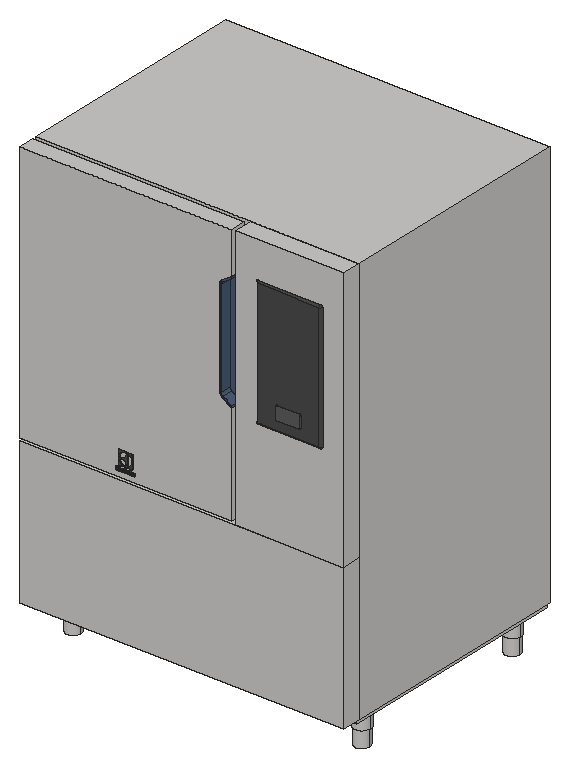
Revit family "QF_ELECTROLUXPROFESSIONAL_727741_EBFA12RE", category Specialty Equipment, Revit 2018 (continued)
Automatic sketch dimensions
  Split face 32 sketch curve to Split face 32 sketch curve = 110.016 mm
  Split face 32 sketch curve to Extrusion 4 = 231.978 mm
  Split face 32 sketch curve to Split face 32 sketch curve = 4.974 mm
  Split face 33 sketch curve to Extrusion 4 = 30.031 mm
  Split face 33 sketch curve to Split face 33 sketch curve = 110.016 mm
  Split face 33 sketch curve to Extrusion 4 = 222.478 mm
  Split face 33 sketch curve to Split face 33 sketch curve = 4.974 mm
  Split face 34 sketch curve to Extrusion 4 = 30.031 mm
  Split face 34 sketch curve to Split face 34 sketch curve = 110.016 mm
  Split face 34 sketch curve to Extrusion 4 = 212.978 mm
  Split face 34 sketch curve to Split face 34 sketch curve = 4.974 mm
  Split face 35 sketch curve to Extrusion 4 = 30.031 mm
  Split face 35 sketch curve to Split face 35 sketch curve = 110.016 mm
  Split face 35 sketch curve to Extrusion 4 = 203.478 mm
  Split face 35 sketch curve to Split face 35 sketch curve = 4.974 mm
  Split face 36 sketch curve to Extrusion 4 = 30.031 mm
  Split face 36 sketch curve to Split face 36 sketch curve = 110.016 mm
  Split face 36 sketch curve to Extrusion 4 = 193.978 mm
  Split face 36 sketch curve to Split face 36 sketch curve = 4.974 mm
  Split face 37 sketch curve to Extrusion 4 = 30.031 mm
  Split face 37 sketch curve to Split face 37 sketch curve = 110.016 mm
  Split face 37 sketch curve to Extrusion 4 = 184.478 mm
  Split face 37 sketch curve to Split face 37 sketch curve = 4.974 mm
  Split face 38 sketch curve to Extrusion 4 = 30.031 mm
  Split face 38 sketch curve to Split face 38 sketch curve = 110.016 mm
  Split face 38 sketch curve to Extrusion 4 = 174.978 mm
  Split face 38 sketch curve to Split face 38 sketch curve = 4.974 mm
  Split face 39 sketch curve to Extrusion 4 = 30.031 mm
  Split face 39 sketch curve to Split face 39 sketch curve = 110.016 mm
  Split face 39 sketch curve to Extrusion 4 = 165.478 mm
  Split face 39 sketch curve to Split face 39 sketch curve = 4.974 mm
  Split face 40 sketch curve to Extrusion 4 = 30.031 mm
  Split face 40 sketch curve to Split face 40 sketch curve = 110.016 mm
  Split face 40 sketch curve to Extrusion 4 = 155.978 mm
  Split face 40 sketch curve to Split face 40 sketch curve = 4.974 mm
  Split face 41 sketch curve to Extrusion 4 = 30.031 mm
  Split face 41 sketch curve to Split face 41 sketch curve = 110.016 mm
  Split face 41 sketch curve to Extrusion 4 = 146.478 mm
  Split face 41 sketch curve to Split face 41 sketch curve = 4.974 mm
  Split face 42 sketch curve to Extrusion 4 = 33.499 mm
  Split face 42 sketch curve to Extrusion 4 = 150.022 mm
  Split face 42 sketch curve to Extrusion 4 = 28.525 mm
  Split face 42 sketch curve to Split face 42 sketch curve = 110.016 mm
  Split face 43 sketch curve to Extrusion 4 = 42.999 mm
  Split face 43 sketch curve to Extrusion 4 = 150.022 mm
  Split face 43 sketch curve to Extrusion 4 = 38.025 mm
  Split face 43 sketch curve to Split face 43 sketch curve = 110.016 mm
  Split face 44 sketch curve to Extrusion 4 = 52.499 mm
  Split face 44 sketch curve to Extrusion 4 = 150.022 mm
  Split face 44 sketch curve to Extrusion 4 = 47.525 mm
  Split face 44 sketch curve to Split face 44 sketch curve = 110.016 mm
  Split face 45 sketch curve to Extrusion 4 = 61.999 mm
  Split face 45 sketch curve to Extrusion 4 = 150.022 mm
  Split face 45 sketch curve to Split face 45 sketch curve = 110.016 mm
  Split face 45 sketch curve to Split face 45 sketch curve = 4.974 mm
  Split face 46 sketch curve to Extrusion 4 = 71.499 mm
  Split face 46 sketch curve to Extrusion 4 = 150.022 mm
  Split face 46 sketch curve to Split face 46 sketch curve = 110.016 mm
  Split face 46 sketch curve to Split face 46 sketch curve = 4.974 mm
  Split face 47 sketch curve to Extrusion 4 = 150.022 mm
  Split face 47 sketch curve to Split face 47 sketch curve = 110.016 mm
  Split face 47 sketch curve to Extrusion 4 = 80.999 mm
  Split face 47 sketch curve to Split face 47 sketch curve = 4.974 mm
  Split face 48 sketch curve to Extrusion 4 = 150.022 mm
  Split face 48 sketch curve to Split face 48 sketch curve = 110.016 mm
  Split face 48 sketch curve to Extrusion 4 = 90.499 mm
  Split face 48 sketch curve to Split face 48 sketch curve = 4.974 mm
  Split face 49 sketch curve to Extrusion 4 = 150.022 mm
  Split face 49 sketch curve to Split face 49 sketch curve = 110.016 mm
  Split face 49 sketch curve to Extrusion 4 = 99.999 mm
  Split face 49 sketch curve to Split face 49 sketch curve = 4.974 mm
  Split face 50 sketch curve to Extrusion 4 = 150.022 mm
  Split face 50 sketch curve to Split face 50 sketch curve = 110.016 mm
  Split face 50 sketch curve to Extrusion 4 = 109.499 mm
  Split face 50 sketch curve to Split face 50 sketch curve = 4.974 mm
  Split face 51 sketch curve to Extrusion 4 = 150.022 mm
  Split face 51 sketch curve to Split face 51 sketch curve = 110.016 mm
  Split face 51 sketch curve to Extrusion 4 = 119 mm
  Split face 51 sketch curve to Split face 51 sketch curve = 4.974 mm
  Split face 52 sketch curve to Extrusion 4 = 150.022 mm
  Split face 52 sketch curve to Split face 52 sketch curve = 110.016 mm
  Split face 52 sketch curve to Extrusion 4 = 128.5 mm
  Split face 52 sketch curve to Split face 52 sketch curve = 4.974 mm
  Split face 53 sketch curve to Extrusion 4 = 150.022 mm
  Split face 53 sketch curve to Split face 53 sketch curve = 110.016 mm
  Split face 53 sketch curve to Extrusion 4 = 138 mm
  Split face 53 sketch curve to Split face 53 sketch curve = 4.974 mm
  Split face 54 sketch curve to Extrusion 4 = 150.022 mm
  Split face 54 sketch curve to Split face 54 sketch curve = 110.016 mm
  Split face 54 sketch curve to Extrusion 4 = 147.5 mm
  Split face 54 sketch curve to Split face 54 sketch curve = 4.974 mm
  Split face 55 sketch curve to Extrusion 4 = 150.022 mm
  Split face 55 sketch curve to Split face 55 sketch curve = 110.016 mm
  Split face 55 sketch curve to Extrusion 4 = 157 mm
  Split face 55 sketch curve to Split face 55 sketch curve = 4.974 mm
  Split face 56 sketch curve to Extrusion 4 = 150.022 mm
  Split face 56 sketch curve to Split face 56 sketch curve = 110.016 mm
  Split face 56 sketch curve to Extrusion 4 = 166.5 mm
  Split face 56 sketch curve to Split face 56 sketch curve = 4.974 mm
  Split face 57 sketch curve to Extrusion 4 = 150.022 mm
  Split face 57 sketch curve to Split face 57 sketch curve = 110.016 mm
  Split face 57 sketch curve to Extrusion 4 = 176 mm
  Split face 57 sketch curve to Split face 57 sketch curve = 4.974 mm
  Split face 58 sketch curve to Extrusion 4 = 150.022 mm
  Split face 58 sketch curve to Split face 58 sketch curve = 110.016 mm
  Split face 58 sketch curve to Extrusion 4 = 185.5 mm
  Split face 58 sketch curve to Split face 58 sketch curve = 4.974 mm
  Split face 59 sketch curve to Extrusion 4 = 150.022 mm
  Split face 59 sketch curve to Split face 59 sketch curve = 110.016 mm
  Split face 59 sketch curve to Extrusion 4 = 195 mm
  Split face 59 sketch curve to Split face 59 sketch curve = 4.974 mm
  Split face 60 sketch curve to Extrusion 4 = 150.022 mm
  Split face 60 sketch curve to Split face 60 sketch curve = 110.016 mm
  Split face 60 sketch curve to Extrusion 4 = 204.5 mm
  Split face 60 sketch curve to Split face 60 sketch curve = 4.974 mm
  Split face 61 sketch curve to Extrusion 4 = 150.022 mm
  Split face 61 sketch curve to Split face 61 sketch curve = 110.016 mm
  Split face 61 sketch curve to Extrusion 4 = 214 mm
  Split face 61 sketch curve to Split face 61 sketch curve = 4.974 mm
  Split face 62 sketch curve to Extrusion 4 = 150.022 mm
  Split face 62 sketch curve to Split face 62 sketch curve = 110.016 mm
  Split face 62 sketch curve to Extrusion 4 = 223.5 mm
  Split face 62 sketch curve to Split face 62 sketch curve = 4.974 mm
  Split face 63 sketch curve to Extrusion 4 = 150.022 mm
  Split face 63 sketch curve to Split face 63 sketch curve = 110.016 mm
  Split face 63 sketch curve to Extrusion 4 = 233.001 mm
  Split face 63 sketch curve to Split face 63 sketch curve = 4.974 mm
  Split face 64 sketch curve to Extrusion 4 = 150.022 mm
  Split face 64 sketch curve to Split face 64 sketch curve = 110.016 mm
  Split face 64 sketch curve to Extrusion 4 = 242.501 mm
  Split face 64 sketch curve to Split face 64 sketch curve = 4.974 mm
  Split face 65 sketch curve to Extrusion 4 = 150.022 mm
  Split face 65 sketch curve to Split face 65 sketch curve = 110.016 mm
  Split face 65 sketch curve to Extrusion 4 = 252.001 mm
  Split face 65 sketch curve to Split face 65 sketch curve = 4.974 mm
  Split face 66 sketch curve to Extrusion 4 = 150.022 mm
  Split face 66 sketch curve to Split face 66 sketch curve = 110.016 mm
  Split face 66 sketch curve to Extrusion 4 = 261.501 mm
  Split face 66 sketch curve to Split face 66 sketch curve = 4.974 mm
  Split face 67 sketch curve to Extrusion 4 = 150.022 mm
  Split face 67 sketch curve to Split face 67 sketch curve = 110.016 mm
  Split face 67 sketch curve to Extrusion 4 = 271.001 mm
  Split face 67 sketch curve to Split face 67 sketch curve = 4.974 mm
  Split face 68 sketch curve to Extrusion 4 = 150.022 mm
  Split face 68 sketch curve to Split face 68 sketch curve = 110.016 mm
  Split face 68 sketch curve to Extrusion 4 = 279.479 mm
  Split face 68 sketch curve to Split face 68 sketch curve = 4.974 mm
  Split face 69 sketch curve to Extrusion 4 = 150.022 mm
  Split face 69 sketch curve to Split face 69 sketch curve = 110.016 mm
  Split face 69 sketch curve to Extrusion 4 = 269.979 mm
  Split face 69 sketch curve to Split face 69 sketch curve = 4.974 mm
  Split face 70 sketch curve to Extrusion 4 = 150.022 mm
  Split face 70 sketch curve to Split face 70 sketch curve = 110.016 mm
  Split face 70 sketch curve to Extrusion 4 = 260.479 mm
  Split face 70 sketch curve to Split face 70 sketch curve = 4.974 mm
  Split face 71 sketch curve to Extrusion 4 = 150.022 mm
  Split face 71 sketch curve to Split face 71 sketch curve = 110.016 mm
  Split face 71 sketch curve to Extrusion 4 = 250.978 mm
  Split face 71 sketch curve to Split face 71 sketch curve = 4.974 mm
  Split face 72 sketch curve to Extrusion 4 = 150.022 mm
  Split face 72 sketch curve to Split face 72 sketch curve = 110.016 mm
  Split face 72 sketch curve to Extrusion 4 = 241.478 mm
  Split face 72 sketch curve to Split face 72 sketch curve = 4.974 mm
  Split face 73 sketch curve to Extrusion 4 = 150.022 mm
  Split face 73 sketch curve to Split face 73 sketch curve = 110.016 mm
  Split face 73 sketch curve to Extrusion 4 = 231.978 mm
  Split face 73 sketch curve to Split face 73 sketch curve = 4.974 mm
  Split face 74 sketch curve to Extrusion 4 = 150.022 mm
  Split face 74 sketch curve to Split face 74 sketch curve = 110.016 mm
  Split face 74 sketch curve to Extrusion 4 = 222.478 mm
  Split face 74 sketch curve to Split face 74 sketch curve = 4.974 mm
  Split face 75 sketch curve to Extrusion 4 = 150.022 mm
  Split face 75 sketch curve to Split face 75 sketch curve = 110.016 mm
  Split face 75 sketch curve to Extrusion 4 = 212.978 mm
  Split face 75 sketch curve to Split face 75 sketch curve = 4.974 mm
  Split face 76 sketch curve to Extrusion 4 = 150.022 mm
  Split face 76 sketch curve to Split face 76 sketch curve = 110.016 mm
  Split face 76 sketch curve to Extrusion 4 = 203.478 mm
  Split face 76 sketch curve to Split face 76 sketch curve = 4.974 mm
  Split face 77 sketch curve to Extrusion 4 = 150.022 mm
  Split face 77 sketch curve to Split face 77 sketch curve = 110.016 mm
  Split face 77 sketch curve to Extrusion 4 = 193.978 mm
  Split face 77 sketch curve to Split face 77 sketch curve = 4.974 mm
  Split face 78 sketch curve to Extrusion 4 = 150.022 mm
  Split face 78 sketch curve to Split face 78 sketch curve = 110.016 mm
  Split face 78 sketch curve to Extrusion 4 = 184.478 mm
  Split face 78 sketch curve to Split face 78 sketch curve = 4.974 mm
  Split face 79 sketch curve to Extrusion 4 = 150.022 mm
  Split face 79 sketch curve to Split face 79 sketch curve = 110.016 mm
  Split face 79 sketch curve to Extrusion 4 = 174.978 mm
  Split face 79 sketch curve to Split face 79 sketch curve = 4.974 mm
  Split face 80 sketch curve to Extrusion 4 = 150.022 mm
  Split face 80 sketch curve to Split face 80 sketch curve = 110.016 mm
  Split face 80 sketch curve to Extrusion 4 = 165.478 mm
  Split face 80 sketch curve to Split face 80 sketch curve = 4.974 mm
  Split face 81 sketch curve to Extrusion 4 = 150.022 mm
  Split face 81 sketch curve to Split face 81 sketch curve = 110.016 mm
  Split face 81 sketch curve to Extrusion 4 = 155.978 mm
  Split face 81 sketch curve to Split face 81 sketch curve = 4.974 mm
  Split face 82 sketch curve to Extrusion 4 = 150.022 mm
  Split face 82 sketch curve to Split face 82 sketch curve = 110.016 mm
  Split face 82 sketch curve to Extrusion 4 = 146.478 mm
  Split face 82 sketch curve to Split face 82 sketch curve = 4.974 mm
  Split face 83 sketch curve to Extrusion 4 = 33.499 mm
  Split face 83 sketch curve to Extrusion 4 = 270.014 mm
  Split face 83 sketch curve to Extrusion 4 = 28.525 mm
  Split face 83 sketch curve to Split face 83 sketch curve = 110.016 mm
  Split face 84 sketch curve to Extrusion 4 = 42.999 mm
  Split face 84 sketch curve to Extrusion 4 = 270.014 mm
  Split face 84 sketch curve to Extrusion 4 = 38.025 mm
  Split face 84 sketch curve to Split face 84 sketch curve = 110.016 mm
  Split face 85 sketch curve to Extrusion 4 = 52.499 mm
  Split face 85 sketch curve to Extrusion 4 = 270.014 mm
  Split face 85 sketch curve to Extrusion 4 = 47.525 mm
  Split face 85 sketch curve to Split face 85 sketch curve = 110.016 mm
  Split face 86 sketch curve to Extrusion 4 = 61.999 mm
  Split face 86 sketch curve to Extrusion 4 = 270.014 mm
  Split face 86 sketch curve to Split face 86 sketch curve = 110.016 mm
  Split face 86 sketch curve to Split face 86 sketch curve = 4.974 mm
  Split face 87 sketch curve to Extrusion 4 = 71.499 mm
  Split face 87 sketch curve to Extrusion 4 = 270.014 mm
  Split face 87 sketch curve to Split face 87 sketch curve = 110.016 mm
  Split face 87 sketch curve to Split face 87 sketch curve = 4.974 mm
  Split face 88 sketch curve to Extrusion 4 = 80.999 mm
  Split face 88 sketch curve to Extrusion 4 = 270.014 mm
  Split face 88 sketch curve to Split face 88 sketch curve = 110.016 mm
  Split face 88 sketch curve to Split face 88 sketch curve = 4.974 mm
  Split face 89 sketch curve to Extrusion 4 = 90.499 mm
  Split face 89 sketch curve to Extrusion 4 = 270.014 mm
  Split face 89 sketch curve to Split face 89 sketch curve = 110.016 mm
  Split face 89 sketch curve to Split face 89 sketch curve = 4.974 mm
  Split face 90 sketch curve to Extrusion 4 = 99.999 mm
  Split face 90 sketch curve to Extrusion 4 = 270.014 mm
  Split face 90 sketch curve to Split face 90 sketch curve = 110.016 mm
  Split face 90 sketch curve to Split face 90 sketch curve = 4.974 mm
  Split face 91 sketch curve to Extrusion 4 = 109.499 mm
  Split face 91 sketch curve to Extrusion 4 = 270.014 mm
  Split face 91 sketch curve to Split face 91 sketch curve = 110.016 mm
  Split face 91 sketch curve to Split face 91 sketch curve = 4.974 mm
  Split face 92 sketch curve to Extrusion 4 = 119 mm
  Split face 92 sketch curve to Extrusion 4 = 270.014 mm
  Split face 92 sketch curve to Split face 92 sketch curve = 110.016 mm
  Split face 92 sketch curve to Split face 92 sketch curve = 4.974 mm
  Split face 93 sketch curve to Extrusion 4 = 128.5 mm
  Split face 93 sketch curve to Extrusion 4 = 270.014 mm
  Split face 93 sketch curve to Split face 93 sketch curve = 110.016 mm
  Split face 93 sketch curve to Split face 93 sketch curve = 4.974 mm
  Split face 94 sketch curve to Extrusion 4 = 270.014 mm
  Split face 94 sketch curve to Split face 94 sketch curve = 110.016 mm
  Split face 94 sketch curve to Extrusion 4 = 138 mm
  Split face 94 sketch curve to Split face 94 sketch curve = 4.974 mm
  Split face 95 sketch curve to Extrusion 4 = 270.014 mm
  Split face 95 sketch curve to Split face 95 sketch curve = 110.016 mm
  Split face 95 sketch curve to Extrusion 4 = 147.5 mm
  Split face 95 sketch curve to Split face 95 sketch curve = 4.974 mm
  Split face 96 sketch curve to Extrusion 4 = 270.014 mm
  Split face 96 sketch curve to Split face 96 sketch curve = 110.016 mm
  Split face 96 sketch curve to Extrusion 4 = 157 mm
  Split face 96 sketch curve to Split face 96 sketch curve = 4.974 mm
  Split face 97 sketch curve to Extrusion 4 = 270.014 mm
  Split face 97 sketch curve to Split face 97 sketch curve = 110.016 mm
  Split face 97 sketch curve to Extrusion 4 = 166.5 mm
  Split face 97 sketch curve to Split face 97 sketch curve = 4.974 mm
  Split face 98 sketch curve to Extrusion 4 = 270.014 mm
  Split face 98 sketch curve to Split face 98 sketch curve = 110.016 mm
  Split face 98 sketch curve to Extrusion 4 = 176 mm
  Split face 98 sketch curve to Split face 98 sketch curve = 4.974 mm
  Split face 99 sketch curve to Extrusion 4 = 270.014 mm
  Split face 99 sketch curve to Split face 99 sketch curve = 110.016 mm
  Split face 99 sketch curve to Extrusion 4 = 185.5 mm
  Split face 99 sketch curve to Split face 99 sketch curve = 4.974 mm
  Split face 100 sketch curve to Extrusion 4 = 270.014 mm
  Split face 100 sketch curve to Split face 100 sketch curve = 110.016 mm
  Split face 100 sketch curve to Extrusion 4 = 195 mm
  Split face 100 sketch curve to Split face 100 sketch curve = 4.974 mm
  Split face 101 sketch curve to Extrusion 4 = 270.014 mm
  Split face 101 sketch curve to Split face 101 sketch curve = 110.016 mm
  Split face 101 sketch curve to Extrusion 4 = 204.5 mm
  Split face 101 sketch curve to Split face 101 sketch curve = 4.974 mm
  Split face 102 sketch curve to Extrusion 4 = 270.014 mm
  Split face 102 sketch curve to Split face 102 sketch curve = 110.016 mm
  Split face 102 sketch curve to Extrusion 4 = 214 mm
  Split face 102 sketch curve to Split face 102 sketch curve = 4.974 mm
  Split face 103 sketch curve to Extrusion 4 = 270.014 mm
  Split face 103 sketch curve to Split face 103 sketch curve = 110.016 mm
  Split face 103 sketch curve to Extrusion 4 = 223.5 mm
  Split face 103 sketch curve to Split face 103 sketch curve = 4.974 mm
  Split face 104 sketch curve to Extrusion 4 = 270.014 mm
  Split face 104 sketch curve to Split face 104 sketch curve = 110.016 mm
  Split face 104 sketch curve to Extrusion 4 = 233.001 mm
  Split face 104 sketch curve to Split face 104 sketch curve = 4.974 mm
  Split face 105 sketch curve to Extrusion 4 = 270.014 mm
  Split face 105 sketch curve to Split face 105 sketch curve = 110.016 mm
  Split face 105 sketch curve to Extrusion 4 = 242.501 mm
  Split face 105 sketch curve to Split face 105 sketch curve = 4.974 mm
  Split face 106 sketch curve to Extrusion 4 = 270.014 mm
  Split face 106 sketch curve to Split face 106 sketch curve = 110.016 mm
  Split face 106 sketch curve to Extrusion 4 = 252.001 mm
  Split face 106 sketch curve to Split face 106 sketch curve = 4.974 mm
  Split face 107 sketch curve to Extrusion 4 = 270.014 mm
  Split face 107 sketch curve to Split face 107 sketch curve = 110.016 mm
  Split face 107 sketch curve to Extrusion 4 = 261.501 mm
  Split face 107 sketch curve to Split face 107 sketch curve = 4.974 mm
  Split face 108 sketch curve to Extrusion 4 = 270.014 mm
  Split face 108 sketch curve to Split face 108 sketch curve = 110.016 mm
  Split face 108 sketch curve to Extrusion 4 = 271.001 mm
  Split face 108 sketch curve to Split face 108 sketch curve = 4.974 mm
  Split face 109 sketch curve to Extrusion 4 = 270.014 mm
  Split face 109 sketch curve to Split face 109 sketch curve = 110.016 mm
  Split face 109 sketch curve to Extrusion 4 = 279.479 mm
  Split face 109 sketch curve to Split face 109 sketch curve = 4.974 mm
  Split face 110 sketch curve to Extrusion 4 = 270.014 mm
  Split face 110 sketch curve to Split face 110 sketch curve = 110.016 mm
  Split face 110 sketch curve to Extrusion 4 = 269.979 mm
  Split face 110 sketch curve to Split face 110 sketch curve = 4.974 mm
  Split face 111 sketch curve to Extrusion 4 = 270.014 mm
  Split face 111 sketch curve to Split face 111 sketch curve = 110.016 mm
  Split face 111 sketch curve to Extrusion 4 = 260.479 mm
  Split face 111 sketch curve to Split face 111 sketch curve = 4.974 mm
  Split face 112 sketch curve to Extrusion 4 = 270.014 mm
  Split face 112 sketch curve to Split face 112 sketch curve = 110.016 mm
  Split face 112 sketch curve to Extrusion 4 = 250.978 mm
  Split face 112 sketch curve to Split face 112 sketch curve = 4.974 mm
  Split face 113 sketch curve to Extrusion 4 = 270.014 mm
  Split face 113 sketch curve to Split face 113 sketch curve = 110.016 mm
  Split face 113 sketch curve to Extrusion 4 = 241.478 mm
  Split face 113 sketch curve to Split face 113 sketch curve = 4.974 mm
  Split face 114 sketch curve to Extrusion 4 = 270.014 mm
  Split face 114 sketch curve to Split face 114 sketch curve = 110.016 mm
  Split face 114 sketch curve to Extrusion 4 = 231.978 mm
  Split face 114 sketch curve to Split face 114 sketch curve = 4.974 mm
  Split face 115 sketch curve to Extrusion 4 = 270.014 mm
  Split face 115 sketch curve to Split face 115 sketch curve = 110.016 mm
  Split face 115 sketch curve to Extrusion 4 = 222.478 mm
  Split face 115 sketch curve to Split face 115 sketch curve = 4.974 mm
  Split face 116 sketch curve to Extrusion 4 = 270.014 mm
  Split face 116 sketch curve to Split face 116 sketch curve = 110.016 mm
  Split face 116 sketch curve to Extrusion 4 = 212.978 mm
  Split face 116 sketch curve to Split face 116 sketch curve = 4.974 mm
  Split face 117 sketch curve to Extrusion 4 = 270.014 mm
  Split face 117 sketch curve to Split face 117 sketch curve = 110.016 mm
  Split face 117 sketch curve to Extrusion 4 = 203.478 mm
  Split face 117 sketch curve to Split face 117 sketch curve = 4.974 mm
  Split face 118 sketch curve to Extrusion 4 = 270.014 mm
  Split face 118 sketch curve to Split face 118 sketch curve = 110.016 mm
  Split face 118 sketch curve to Extrusion 4 = 193.978 mm
  Split face 118 sketch curve to Split face 118 sketch curve = 4.974 mm
  Split face 119 sketch curve to Extrusion 4 = 270.014 mm
  Split face 119 sketch curve to Split face 119 sketch curve = 110.016 mm
  Split face 119 sketch curve to Extrusion 4 = 184.478 mm
  Split face 119 sketch curve to Split face 119 sketch curve = 4.974 mm
  Split face 120 sketch curve to Extrusion 4 = 270.014 mm
  Split face 120 sketch curve to Split face 120 sketch curve = 110.016 mm
  Split face 120 sketch curve to Extrusion 4 = 174.978 mm
  Split face 120 sketch curve to Split face 120 sketch curve = 4.974 mm
  Split face 121 sketch curve to Extrusion 4 = 270.014 mm
  Split face 121 sketch curve to Split face 121 sketch curve = 110.016 mm
  Split face 121 sketch curve to Extrusion 4 = 165.478 mm
  Split face 121 sketch curve to Split face 121 sketch curve = 4.974 mm
  Split face 122 sketch curve to Extrusion 4 = 270.014 mm
  Split face 122 sketch curve to Split face 122 sketch curve = 110.016 mm
  Split face 122 sketch curve to Extrusion 4 = 155.978 mm
  Split face 122 sketch curve to Split face 122 sketch curve = 4.974 mm
  Split face 123 sketch curve to Extrusion 4 = 270.014 mm
  Split face 123 sketch curve to Split face 123 sketch curve = 110.016 mm
  Split face 123 sketch curve to Extrusion 4 = 146.478 mm
  Split face 123 sketch curve to Split face 123 sketch curve = 4.974 mm
  Split face 124 sketch curve to Extrusion 4 = 33.499 mm
  Split face 124 sketch curve to Extrusion 4 = 390.005 mm
  Split face 124 sketch curve to Extrusion 4 = 28.525 mm
  Split face 124 sketch curve to Split face 124 sketch curve = 110.016 mm
  Split face 125 sketch curve to Extrusion 4 = 42.999 mm
  Split face 125 sketch curve to Extrusion 4 = 390.005 mm
  Split face 125 sketch curve to Extrusion 4 = 38.025 mm
  Split face 125 sketch curve to Split face 125 sketch curve = 110.016 mm
  Split face 126 sketch curve to Extrusion 4 = 52.499 mm
  Split face 126 sketch curve to Extrusion 4 = 390.005 mm
  Split face 126 sketch curve to Extrusion 4 = 47.525 mm
  Split face 126 sketch curve to Split face 126 sketch curve = 110.016 mm
  Split face 127 sketch curve to Extrusion 4 = 61.999 mm
  Split face 127 sketch curve to Extrusion 4 = 390.005 mm
  Split face 127 sketch curve to Split face 127 sketch curve = 110.016 mm
  Split face 127 sketch curve to Split face 127 sketch curve = 4.974 mm
  Split face 128 sketch curve to Extrusion 4 = 71.499 mm
  Split face 128 sketch curve to Extrusion 4 = 390.005 mm
  Split face 128 sketch curve to Split face 128 sketch curve = 110.016 mm
  Split face 128 sketch curve to Split face 128 sketch curve = 4.974 mm
  Split face 129 sketch curve to Extrusion 4 = 80.999 mm
  Split face 129 sketch curve to Extrusion 4 = 390.005 mm
  Split face 129 sketch curve to Split face 129 sketch curve = 110.016 mm
  Split face 129 sketch curve to Split face 129 sketch curve = 4.974 mm
  Split face 130 sketch curve to Extrusion 4 = 90.499 mm
  Split face 130 sketch curve to Extrusion 4 = 390.005 mm
  Split face 130 sketch curve to Split face 130 sketch curve = 110.016 mm
  Split face 130 sketch curve to Split face 130 sketch curve = 4.974 mm
  Split face 131 sketch curve to Extrusion 4 = 99.999 mm
  Split face 131 sketch curve to Extrusion 4 = 390.005 mm
  Split face 131 sketch curve to Split face 131 sketch curve = 110.016 mm
  Split face 131 sketch curve to Split face 131 sketch curve = 4.974 mm
  Split face 132 sketch curve to Extrusion 4 = 109.499 mm
  Split face 132 sketch curve to Extrusion 4 = 390.005 mm
  Split face 132 sketch curve to Split face 132 sketch curve = 110.016 mm
  Split face 132 sketch curve to Split face 132 sketch curve = 4.974 mm
  Split face 133 sketch curve to Extrusion 4 = 119 mm
  Split face 133 sketch curve to Extrusion 4 = 390.005 mm
  Split face 133 sketch curve to Split face 133 sketch curve = 110.016 mm
  Split face 133 sketch curve to Split face 133 sketch curve = 4.974 mm
  Split face 134 sketch curve to Extrusion 4 = 128.5 mm
  Split face 134 sketch curve to Extrusion 4 = 390.005 mm
  Split face 134 sketch curve to Split face 134 sketch curve = 110.016 mm
  Split face 134 sketch curve to Split face 134 sketch curve = 4.974 mm
  Split face 135 sketch curve to Extrusion 4 = 138 mm
  Split face 135 sketch curve to Extrusion 4 = 390.005 mm
  Split face 135 sketch curve to Split face 135 sketch curve = 110.016 mm
  Split face 135 sketch curve to Split face 135 sketch curve = 4.974 mm
  Split face 136 sketch curve to Extrusion 4 = 147.5 mm
  Split face 136 sketch curve to Extrusion 4 = 390.005 mm
  Split face 136 sketch curve to Split face 136 sketch curve = 110.016 mm
  Split face 136 sketch curve to Split face 136 sketch curve = 4.974 mm
  Split face 137 sketch curve to Extrusion 4 = 157 mm
  Split face 137 sketch curve to Extrusion 4 = 390.005 mm
  Split face 137 sketch curve to Split face 137 sketch curve = 110.016 mm
  Split face 137 sketch curve to Split face 137 sketch curve = 4.974 mm
  Split face 138 sketch curve to Extrusion 4 = 166.5 mm
  Split face 138 sketch curve to Extrusion 4 = 390.005 mm
  Split face 138 sketch curve to Split face 138 sketch curve = 110.016 mm
  Split face 138 sketch curve to Split face 138 sketch curve = 4.974 mm
  Split face 139 sketch curve to Extrusion 4 = 176 mm
  Split face 139 sketch curve to Extrusion 4 = 390.005 mm
  Split face 139 sketch curve to Split face 139 sketch curve = 110.016 mm
  Split face 139 sketch curve to Split face 139 sketch curve = 4.974 mm
  Split face 140 sketch curve to Extrusion 4 = 185.5 mm
  Split face 140 sketch curve to Extrusion 4 = 390.005 mm
  Split face 140 sketch curve to Split face 140 sketch curve = 110.016 mm
  Split face 140 sketch curve to Split face 140 sketch curve = 4.974 mm
  Split face 141 sketch curve to Extrusion 4 = 195 mm
  Split face 141 sketch curve to Extrusion 4 = 390.005 mm
  Split face 141 sketch curve to Split face 141 sketch curve = 110.016 mm
  Split face 141 sketch curve to Split face 141 sketch curve = 4.974 mm
  Split face 142 sketch curve to Extrusion 4 = 390.005 mm
  Split face 142 sketch curve to Split face 142 sketch curve = 110.016 mm
  Split face 142 sketch curve to Extrusion 4 = 204.5 mm
  Split face 142 sketch curve to Split face 142 sketch curve = 4.974 mm
  Split face 143 sketch curve to Extrusion 4 = 390.005 mm
  Split face 143 sketch curve to Split face 143 sketch curve = 110.016 mm
  Split face 143 sketch curve to Extrusion 4 = 214 mm
  Split face 143 sketch curve to Split face 143 sketch curve = 4.974 mm
  Split face 144 sketch curve to Extrusion 4 = 390.005 mm
  Split face 144 sketch curve to Split face 144 sketch curve = 110.016 mm
  Split face 144 sketch curve to Extrusion 4 = 223.5 mm
  Split face 144 sketch curve to Split face 144 sketch curve = 4.974 mm
  Split face 145 sketch curve to Extrusion 4 = 390.005 mm
  Split face 145 sketch curve to Split face 145 sketch curve = 110.016 mm
  Split face 145 sketch curve to Extrusion 4 = 233.001 mm
  Split face 145 sketch curve to Split face 145 sketch curve = 4.974 mm
  Split face 146 sketch curve to Extrusion 4 = 390.005 mm
  Split face 146 sketch curve to Split face 146 sketch curve = 110.016 mm
  Split face 146 sketch curve to Extrusion 4 = 242.501 mm
  Split face 146 sketch curve to Split face 146 sketch curve = 4.974 mm
  Split face 147 sketch curve to Extrusion 4 = 390.005 mm
  Split face 147 sketch curve to Split face 147 sketch curve = 110.016 mm
  Split face 147 sketch curve to Extrusion 4 = 252.001 mm
  Split face 147 sketch curve to Split face 147 sketch curve = 4.974 mm
  Split face 148 sketch curve to Extrusion 4 = 390.005 mm
  Split face 148 sketch curve to Split face 148 sketch curve = 110.016 mm
  Split face 148 sketch curve to Extrusion 4 = 261.501 mm
  Split face 148 sketch curve to Split face 148 sketch curve = 4.974 mm
  Split face 149 sketch curve to Extrusion 4 = 390.005 mm
  Split face 149 sketch curve to Split face 149 sketch curve = 110.016 mm
  Split face 149 sketch curve to Extrusion 4 = 271.001 mm
  Split face 149 sketch curve to Split face 149 sketch curve = 4.974 mm
  Split face 150 sketch curve to Extrusion 4 = 390.005 mm
  Split face 150 sketch curve to Split face 150 sketch curve = 110.016 mm
  Split face 150 sketch curve to Extrusion 4 = 279.479 mm
  Split face 150 sketch curve to Split face 150 sketch curve = 4.974 mm
  Split face 151 sketch curve to Extrusion 4 = 390.005 mm
  Split face 151 sketch curve to Split face 151 sketch curve = 110.016 mm
  Split face 151 sketch curve to Extrusion 4 = 269.979 mm
  Split face 151 sketch curve to Split face 151 sketch curve = 4.974 mm
  Split face 152 sketch curve to Extrusion 4 = 390.005 mm
  Split face 152 sketch curve to Split face 152 sketch curve = 110.016 mm
  Split face 152 sketch curve to Extrusion 4 = 260.479 mm
  Split face 152 sketch curve to Split face 152 sketch curve = 4.974 mm
  Split face 153 sketch curve to Extrusion 4 = 390.005 mm
  Split face 153 sketch curve to Split face 153 sketch curve = 110.016 mm
  Split face 153 sketch curve to Extrusion 4 = 250.978 mm
  Split face 153 sketch curve to Split face 153 sketch curve = 4.974 mm
  Split face 154 sketch curve to Extrusion 4 = 390.005 mm
  Split face 154 sketch curve to Split face 154 sketch curve = 110.016 mm
  Split face 154 sketch curve to Extrusion 4 = 241.478 mm
  Split face 154 sketch curve to Split face 154 sketch curve = 4.974 mm
  Split face 155 sketch curve to Extrusion 4 = 390.005 mm
  Split face 155 sketch curve to Split face 155 sketch curve = 110.016 mm
  Split face 155 sketch curve to Extrusion 4 = 231.978 mm
  Split face 155 sketch curve to Split face 155 sketch curve = 4.974 mm
  Split face 156 sketch curve to Extrusion 4 = 390.005 mm
  Split face 156 sketch curve to Split face 156 sketch curve = 110.016 mm
  Split face 156 sketch curve to Extrusion 4 = 222.478 mm
  Split face 156 sketch curve to Split face 156 sketch curve = 4.974 mm
  Split face 157 sketch curve to Extrusion 4 = 390.005 mm
  Split face 157 sketch curve to Split face 157 sketch curve = 110.016 mm
  Split face 157 sketch curve to Extrusion 4 = 212.978 mm
  Split face 157 sketch curve to Split face 157 sketch curve = 4.974 mm
  Split face 158 sketch curve to Extrusion 4 = 390.005 mm
  Split face 158 sketch curve to Split face 158 sketch curve = 110.016 mm
  Split face 158 sketch curve to Extrusion 4 = 203.478 mm
  Split face 158 sketch curve to Split face 158 sketch curve = 4.974 mm
  Split face 159 sketch curve to Extrusion 4 = 193.978 mm
  Split face 159 sketch curve to Extrusion 4 = 390.005 mm
  Split face 159 sketch curve to Split face 159 sketch curve = 110.016 mm
  Split face 159 sketch curve to Split face 159 sketch curve = 4.974 mm
  Split face 160 sketch curve to Extrusion 4 = 184.478 mm
  Split face 160 sketch curve to Extrusion 4 = 390.005 mm
  Split face 160 sketch curve to Split face 160 sketch curve = 110.016 mm
  Split face 160 sketch curve to Split face 160 sketch curve = 4.974 mm
  Split face 161 sketch curve to Extrusion 4 = 174.978 mm
  Split face 161 sketch curve to Extrusion 4 = 390.005 mm
  Split face 161 sketch curve to Split face 161 sketch curve = 110.016 mm
  Split face 161 sketch curve to Split face 161 sketch curve = 4.974 mm
  Split face 162 sketch curve to Extrusion 4 = 165.478 mm
  Split face 162 sketch curve to Extrusion 4 = 390.005 mm
  Split face 162 sketch curve to Split face 162 sketch curve = 110.016 mm
  Split face 162 sketch curve to Split face 162 sketch curve = 4.974 mm
  Split face 163 sketch curve to Extrusion 4 = 155.978 mm
  Split face 163 sketch curve to Extrusion 4 = 390.005 mm
  Split face 163 sketch curve to Split face 163 sketch curve = 110.016 mm
  Split face 163 sketch curve to Split face 163 sketch curve = 4.974 mm
  Split face 164 sketch curve to Extrusion 4 = 146.478 mm
  Split face 164 sketch curve to Extrusion 4 = 390.005 mm
  Split face 164 sketch curve to Split face 164 sketch curve = 110.016 mm
  Split face 164 sketch curve to Split face 164 sketch curve = 4.974 mm
  Split face 165 sketch curve to Extrusion 4 = 33.499 mm
  Split face 165 sketch curve to Extrusion 4 = 380.03 mm
  Split face 165 sketch curve to Extrusion 4 = 28.525 mm
  Split face 165 sketch curve to Split face 165 sketch curve = 110.016 mm
  Split face 166 sketch curve to Extrusion 4 = 42.999 mm
  Split face 166 sketch curve to Extrusion 4 = 380.03 mm
  Split face 166 sketch curve to Extrusion 4 = 38.025 mm
  Split face 166 sketch curve to Split face 166 sketch curve = 110.016 mm
  Split face 167 sketch curve to Extrusion 4 = 52.499 mm
  Split face 167 sketch curve to Extrusion 4 = 380.03 mm
  Split face 167 sketch curve to Extrusion 4 = 47.525 mm
  Split face 167 sketch curve to Split face 167 sketch curve = 110.016 mm
  Split face 168 sketch curve to Extrusion 4 = 61.999 mm
  Split face 168 sketch curve to Extrusion 4 = 380.03 mm
  Split face 168 sketch curve to Split face 168 sketch curve = 110.016 mm
  Split face 168 sketch curve to Split face 168 sketch curve = 4.974 mm
  Split face 169 sketch curve to Extrusion 4 = 71.499 mm
  Split face 169 sketch curve to Extrusion 4 = 380.03 mm
  Split face 169 sketch curve to Split face 169 sketch curve = 110.016 mm
  Split face 169 sketch curve to Split face 169 sketch curve = 4.974 mm
  Split face 170 sketch curve to Extrusion 4 = 80.999 mm
  Split face 170 sketch curve to Extrusion 4 = 380.03 mm
  Split face 170 sketch curve to Split face 170 sketch curve = 110.016 mm
  Split face 170 sketch curve to Split face 170 sketch curve = 4.974 mm
  Split face 171 sketch curve to Extrusion 4 = 90.499 mm
  Split face 171 sketch curve to Extrusion 4 = 380.03 mm
  Split face 171 sketch curve to Split face 171 sketch curve = 110.016 mm
  Split face 171 sketch curve to Split face 171 sketch curve = 4.974 mm
  Split face 172 sketch curve to Extrusion 4 = 99.999 mm
  Split face 172 sketch curve to Extrusion 4 = 380.03 mm
  Split face 172 sketch curve to Split face 172 sketch curve = 110.016 mm
  Split face 172 sketch curve to Split face 172 sketch curve = 4.974 mm
  Split face 173 sketch curve to Extrusion 4 = 109.499 mm
  Split face 173 sketch curve to Extrusion 4 = 380.03 mm
  Split face 173 sketch curve to Split face 173 sketch curve = 110.016 mm
  Split face 173 sketch curve to Split face 173 sketch curve = 4.974 mm
  Split face 174 sketch curve to Extrusion 4 = 119 mm
  Split face 174 sketch curve to Extrusion 4 = 380.03 mm
  Split face 174 sketch curve to Split face 174 sketch curve = 110.016 mm
  Split face 174 sketch curve to Split face 174 sketch curve = 4.974 mm
  Split face 175 sketch curve to Extrusion 4 = 128.5 mm
  Split face 175 sketch curve to Extrusion 4 = 380.03 mm
  Split face 175 sketch curve to Split face 175 sketch curve = 110.016 mm
  Split face 175 sketch curve to Split face 175 sketch curve = 4.974 mm
  Split face 176 sketch curve to Extrusion 4 = 138 mm
  Split face 176 sketch curve to Extrusion 4 = 380.03 mm
  Split face 176 sketch curve to Split face 176 sketch curve = 110.016 mm
  Split face 176 sketch curve to Split face 176 sketch curve = 4.974 mm
  Split face 177 sketch curve to Extrusion 4 = 147.5 mm
  Split face 177 sketch curve to Extrusion 4 = 380.03 mm
  Split face 177 sketch curve to Split face 177 sketch curve = 110.016 mm
  Split face 177 sketch curve to Split face 177 sketch curve = 4.974 mm
  Split face 178 sketch curve to Extrusion 4 = 157 mm
  Split face 178 sketch curve to Extrusion 4 = 380.03 mm
  Split face 178 sketch curve to Split face 178 sketch curve = 110.016 mm
  Split face 178 sketch curve to Split face 178 sketch curve = 4.974 mm
  Split face 179 sketch curve to Extrusion 4 = 166.5 mm
  Split face 179 sketch curve to Extrusion 4 = 380.03 mm
  Split face 179 sketch curve to Split face 179 sketch curve = 110.016 mm
  Split face 179 sketch curve to Split face 179 sketch curve = 4.974 mm
  Split face 180 sketch curve to Extrusion 4 = 176 mm
  Split face 180 sketch curve to Extrusion 4 = 380.03 mm
  Split face 180 sketch curve to Split face 180 sketch curve = 110.016 mm
  Split face 180 sketch curve to Split face 180 sketch curve = 4.974 mm
  Split face 181 sketch curve to Extrusion 4 = 185.5 mm
  Split face 181 sketch curve to Extrusion 4 = 380.03 mm
  Split face 181 sketch curve to Split face 181 sketch curve = 110.016 mm
  Split face 181 sketch curve to Split face 181 sketch curve = 4.974 mm
  Split face 182 sketch curve to Extrusion 4 = 380.03 mm
  Split face 182 sketch curve to Split face 182 sketch curve = 110.016 mm
  Split face 182 sketch curve to Extrusion 4 = 195 mm
  Split face 182 sketch curve to Split face 182 sketch curve = 4.974 mm
  Split face 183 sketch curve to Extrusion 4 = 380.03 mm
  Split face 183 sketch curve to Split face 183 sketch curve = 110.016 mm
  Split face 183 sketch curve to Extrusion 4 = 204.5 mm
  Split face 183 sketch curve to Split face 183 sketch curve = 4.974 mm
  Split face 184 sketch curve to Extrusion 4 = 380.03 mm
  Split face 184 sketch curve to Split face 184 sketch curve = 110.016 mm
  Split face 184 sketch curve to Extrusion 4 = 214 mm
  Split face 184 sketch curve to Split face 184 sketch curve = 4.974 mm
  Split face 185 sketch curve to Extrusion 4 = 380.03 mm
  Split face 185 sketch curve to Split face 185 sketch curve = 110.016 mm
  Split face 185 sketch curve to Extrusion 4 = 223.5 mm
  Split face 185 sketch curve to Split face 185 sketch curve = 4.974 mm
  Split face 186 sketch curve to Extrusion 4 = 380.03 mm
  Split face 186 sketch curve to Split face 186 sketch curve = 110.016 mm
  Split face 186 sketch curve to Extrusion 4 = 233.001 mm
  Split face 186 sketch curve to Split face 186 sketch curve = 4.974 mm
  Split face 187 sketch curve to Extrusion 4 = 380.03 mm
  Split face 187 sketch curve to Split face 187 sketch curve = 110.016 mm
  Split face 187 sketch curve to Extrusion 4 = 242.501 mm
  Split face 187 sketch curve to Split face 187 sketch curve = 4.974 mm
  Split face 188 sketch curve to Extrusion 4 = 380.03 mm
  Split face 188 sketch curve to Split face 188 sketch curve = 110.016 mm
  Split face 188 sketch curve to Extrusion 4 = 252.001 mm
  Split face 188 sketch curve to Split face 188 sketch curve = 4.974 mm
  Split face 189 sketch curve to Extrusion 4 = 380.03 mm
  Split face 189 sketch curve to Split face 189 sketch curve = 110.016 mm
  Split face 189 sketch curve to Extrusion 4 = 261.501 mm
  Split face 189 sketch curve to Split face 189 sketch curve = 4.974 mm
  Split face 190 sketch curve to Extrusion 4 = 380.03 mm
  Split face 190 sketch curve to Split face 190 sketch curve = 110.016 mm
  Split face 190 sketch curve to Extrusion 4 = 271.001 mm
  Split face 190 sketch curve to Split face 190 sketch curve = 4.974 mm
  Split face 191 sketch curve to Extrusion 4 = 380.03 mm
  Split face 191 sketch curve to Split face 191 sketch curve = 110.016 mm
  Split face 191 sketch curve to Extrusion 4 = 279.479 mm
  Split face 191 sketch curve to Split face 191 sketch curve = 4.974 mm
  Split face 192 sketch curve to Extrusion 4 = 380.03 mm
  Split face 192 sketch curve to Split face 192 sketch curve = 110.016 mm
  Split face 192 sketch curve to Extrusion 4 = 269.979 mm
  Split face 192 sketch curve to Split face 192 sketch curve = 4.974 mm
  Split face 193 sketch curve to Extrusion 4 = 380.03 mm
  Split face 193 sketch curve to Split face 193 sketch curve = 110.016 mm
  Split face 193 sketch curve to Extrusion 4 = 260.479 mm
  Split face 193 sketch curve to Split face 193 sketch curve = 4.974 mm
  Split face 194 sketch curve to Extrusion 4 = 380.03 mm
  Split face 194 sketch curve to Split face 194 sketch curve = 110.016 mm
  Split face 194 sketch curve to Extrusion 4 = 250.978 mm
  Split face 194 sketch curve to Split face 194 sketch curve = 4.974 mm
  Split face 195 sketch curve to Extrusion 4 = 380.03 mm
  Split face 195 sketch curve to Split face 195 sketch curve = 110.016 mm
  Split face 195 sketch curve to Extrusion 4 = 241.478 mm
  Split face 195 sketch curve to Split face 195 sketch curve = 4.974 mm
  Split face 196 sketch curve to Extrusion 4 = 380.03 mm
  Split face 196 sketch curve to Split face 196 sketch curve = 110.016 mm
  Split face 196 sketch curve to Extrusion 4 = 231.978 mm
  Split face 196 sketch curve to Split face 196 sketch curve = 4.974 mm
  Split face 197 sketch curve to Extrusion 4 = 380.03 mm
  Split face 197 sketch curve to Split face 197 sketch curve = 110.016 mm
  Split face 197 sketch curve to Extrusion 4 = 222.478 mm
  Split face 197 sketch curve to Split face 197 sketch curve = 4.974 mm
  Split face 198 sketch curve to Extrusion 4 = 380.03 mm
  Split face 198 sketch curve to Split face 198 sketch curve = 110.016 mm
  Split face 198 sketch curve to Extrusion 4 = 212.978 mm
  Split face 198 sketch curve to Split face 198 sketch curve = 4.974 mm
  Split face 199 sketch curve to Extrusion 4 = 380.03 mm
  Split face 199 sketch curve to Split face 199 sketch curve = 110.016 mm
  Split face 199 sketch curve to Extrusion 4 = 203.478 mm
  Split face 199 sketch curve to Split face 199 sketch curve = 4.974 mm
  Split face 200 sketch curve to Extrusion 4 = 380.03 mm
  Split face 200 sketch curve to Split face 200 sketch curve = 110.016 mm
  Split face 200 sketch curve to Extrusion 4 = 193.978 mm
  Split face 200 sketch curve to Split face 200 sketch curve = 4.974 mm
  Split face 201 sketch curve to Extrusion 4 = 184.478 mm
  Split face 201 sketch curve to Extrusion 4 = 380.03 mm
  Split face 201 sketch curve to Split face 201 sketch curve = 110.016 mm
  Split face 201 sketch curve to Split face 201 sketch curve = 4.974 mm
  Split face 202 sketch curve to Extrusion 4 = 174.978 mm
  Split face 202 sketch curve to Extrusion 4 = 380.03 mm
  Split face 202 sketch curve to Split face 202 sketch curve = 110.016 mm
  Split face 202 sketch curve to Split face 202 sketch curve = 4.974 mm
  Split face 203 sketch curve to Extrusion 4 = 165.478 mm
  Split face 203 sketch curve to Extrusion 4 = 380.03 mm
  Split face 203 sketch curve to Split face 203 sketch curve = 110.016 mm
  Split face 203 sketch curve to Split face 203 sketch curve = 4.974 mm
  Split face 204 sketch curve to Extrusion 4 = 155.978 mm
  Split face 204 sketch curve to Extrusion 4 = 380.03 mm
  Split face 204 sketch curve to Split face 204 sketch curve = 110.016 mm
  Split face 204 sketch curve to Split face 204 sketch curve = 4.974 mm
  Split face 205 sketch curve to Extrusion 4 = 146.478 mm
  Split face 205 sketch curve to Extrusion 4 = 380.03 mm
  Split face 205 sketch curve to Split face 205 sketch curve = 110.016 mm
  Split face 205 sketch curve to Split face 205 sketch curve = 4.974 mm
  Split face 206 sketch curve to Extrusion 4 = 33.499 mm
  Split face 206 sketch curve to Extrusion 4 = 260.039 mm
  Split face 206 sketch curve to Extrusion 4 = 28.525 mm
  Split face 206 sketch curve to Split face 206 sketch curve = 110.016 mm
  Split face 207 sketch curve to Extrusion 4 = 42.999 mm
  Split face 207 sketch curve to Extrusion 4 = 260.039 mm
  Split face 207 sketch curve to Extrusion 4 = 38.025 mm
  Split face 207 sketch curve to Split face 207 sketch curve = 110.016 mm
  Split face 208 sketch curve to Extrusion 4 = 52.499 mm
  Split face 208 sketch curve to Extrusion 4 = 260.039 mm
  Split face 208 sketch curve to Extrusion 4 = 47.525 mm
  Split face 208 sketch curve to Split face 208 sketch curve = 110.016 mm
  Split face 209 sketch curve to Extrusion 4 = 61.999 mm
  Split face 209 sketch curve to Extrusion 4 = 260.039 mm
  Split face 209 sketch curve to Split face 209 sketch curve = 110.016 mm
  Split face 209 sketch curve to Split face 209 sketch curve = 4.974 mm
  Split face 210 sketch curve to Extrusion 4 = 71.499 mm
  Split face 210 sketch curve to Extrusion 4 = 260.039 mm
  Split face 210 sketch curve to Split face 210 sketch curve = 110.016 mm
  Split face 210 sketch curve to Split face 210 sketch curve = 4.974 mm
  Split face 211 sketch curve to Extrusion 4 = 80.999 mm
  Split face 211 sketch curve to Extrusion 4 = 260.039 mm
  Split face 211 sketch curve to Split face 211 sketch curve = 110.016 mm
  Split face 211 sketch curve to Split face 211 sketch curve = 4.974 mm
  Split face 212 sketch curve to Extrusion 4 = 90.499 mm
  Split face 212 sketch curve to Extrusion 4 = 260.039 mm
  Split face 212 sketch curve to Split face 212 sketch curve = 110.016 mm
  Split face 212 sketch curve to Split face 212 sketch curve = 4.974 mm
  Split face 213 sketch curve to Extrusion 4 = 99.999 mm
  Split face 213 sketch curve to Extrusion 4 = 260.039 mm
  Split face 213 sketch curve to Split face 213 sketch curve = 110.016 mm
  Split face 213 sketch curve to Split face 213 sketch curve = 4.974 mm
  Split face 214 sketch curve to Extrusion 4 = 109.499 mm
  Split face 214 sketch curve to Extrusion 4 = 260.039 mm
  Split face 214 sketch curve to Split face 214 sketch curve = 110.016 mm
  Split face 214 sketch curve to Split face 214 sketch curve = 4.974 mm
  Split face 215 sketch curve to Extrusion 4 = 119 mm
  Split face 215 sketch curve to Extrusion 4 = 260.039 mm
  Split face 215 sketch curve to Split face 215 sketch curve = 110.016 mm
  Split face 215 sketch curve to Split face 215 sketch curve = 4.974 mm
  Split face 216 sketch curve to Extrusion 4 = 128.5 mm
  Split face 216 sketch curve to Extrusion 4 = 260.039 mm
  Split face 216 sketch curve to Split face 216 sketch curve = 110.016 mm
  Split face 216 sketch curve to Split face 216 sketch curve = 4.974 mm
  Split face 217 sketch curve to Extrusion 4 = 260.039 mm
  Split face 217 sketch curve to Split face 217 sketch curve = 110.016 mm
  Split face 217 sketch curve to Extrusion 4 = 138 mm
  Split face 217 sketch curve to Split face 217 sketch curve = 4.974 mm
  Split face 218 sketch curve to Extrusion 4 = 260.039 mm
  Split face 218 sketch curve to Split face 218 sketch curve = 110.016 mm
  Split face 218 sketch curve to Extrusion 4 = 147.5 mm
  Split face 218 sketch curve to Split face 218 sketch curve = 4.974 mm
  Split face 219 sketch curve to Extrusion 4 = 260.039 mm
  Split face 219 sketch curve to Split face 219 sketch curve = 110.016 mm
  Split face 219 sketch curve to Extrusion 4 = 157 mm
  Split face 219 sketch curve to Split face 219 sketch curve = 4.974 mm
  Split face 220 sketch curve to Extrusion 4 = 260.039 mm
  Split face 220 sketch curve to Split face 220 sketch curve = 110.016 mm
  Split face 220 sketch curve to Extrusion 4 = 166.5 mm
  Split face 220 sketch curve to Split face 220 sketch curve = 4.974 mm
  Split face 221 sketch curve to Extrusion 4 = 260.039 mm
  Split face 221 sketch curve to Split face 221 sketch curve = 110.016 mm
  Split face 221 sketch curve to Extrusion 4 = 176 mm
  Split face 221 sketch curve to Split face 221 sketch curve = 4.974 mm
  Split face 222 sketch curve to Extrusion 4 = 260.039 mm
  Split face 222 sketch curve to Split face 222 sketch curve = 110.016 mm
  Split face 222 sketch curve to Extrusion 4 = 185.5 mm
  Split face 222 sketch curve to Split face 222 sketch curve = 4.974 mm
  Split face 223 sketch curve to Extrusion 4 = 260.039 mm
  Split face 223 sketch curve to Split face 223 sketch curve = 110.016 mm
  Split face 223 sketch curve to Extrusion 4 = 195 mm
  Split face 223 sketch curve to Split face 223 sketch curve = 4.974 mm
  Split face 224 sketch curve to Extrusion 4 = 260.039 mm
  Split face 224 sketch curve to Split face 224 sketch curve = 110.016 mm
  Split face 224 sketch curve to Extrusion 4 = 204.5 mm
  Split face 224 sketch curve to Split face 224 sketch curve = 4.974 mm
  Split face 225 sketch curve to Extrusion 4 = 260.039 mm
  Split face 225 sketch curve to Split face 225 sketch curve = 110.016 mm
  Split face 225 sketch curve to Extrusion 4 = 214 mm
  Split face 225 sketch curve to Split face 225 sketch curve = 4.974 mm
  Split face 226 sketch curve to Extrusion 4 = 260.039 mm
  Split face 226 sketch curve to Split face 226 sketch curve = 110.016 mm
  Split face 226 sketch curve to Extrusion 4 = 223.5 mm
  Split face 226 sketch curve to Split face 226 sketch curve = 4.974 mm
  Split face 227 sketch curve to Extrusion 4 = 260.039 mm
  Split face 227 sketch curve to Split face 227 sketch curve = 110.016 mm
  Split face 227 sketch curve to Extrusion 4 = 233.001 mm
  Split face 227 sketch curve to Split face 227 sketch curve = 4.974 mm
  Split face 228 sketch curve to Extrusion 4 = 260.039 mm
  Split face 228 sketch curve to Split face 228 sketch curve = 110.016 mm
  Split face 228 sketch curve to Extrusion 4 = 242.501 mm
  Split face 228 sketch curve to Split face 228 sketch curve = 4.974 mm
  Split face 229 sketch curve to Extrusion 4 = 260.039 mm
  Split face 229 sketch curve to Split face 229 sketch curve = 110.016 mm
  Split face 229 sketch curve to Extrusion 4 = 252.001 mm
  Split face 229 sketch curve to Split face 229 sketch curve = 4.974 mm
  Split face 230 sketch curve to Extrusion 4 = 260.039 mm
  Split face 230 sketch curve to Split face 230 sketch curve = 110.016 mm
  Split face 230 sketch curve to Extrusion 4 = 261.501 mm
  Split face 230 sketch curve to Split face 230 sketch curve = 4.974 mm
  Split face 231 sketch curve to Extrusion 4 = 260.039 mm
  Split face 231 sketch curve to Split face 231 sketch curve = 110.016 mm
  Split face 231 sketch curve to Extrusion 4 = 271.001 mm
  Split face 231 sketch curve to Split face 231 sketch curve = 4.974 mm
  Split face 232 sketch curve to Extrusion 4 = 260.039 mm
  Split face 232 sketch curve to Split face 232 sketch curve = 110.016 mm
  Split face 232 sketch curve to Extrusion 4 = 279.479 mm
  Split face 232 sketch curve to Split face 232 sketch curve = 4.974 mm
  Split face 233 sketch curve to Extrusion 4 = 260.039 mm
  Split face 233 sketch curve to Split face 233 sketch curve = 110.016 mm
  Split face 233 sketch curve to Extrusion 4 = 269.979 mm
  Split face 233 sketch curve to Split face 233 sketch curve = 4.974 mm
  Split face 234 sketch curve to Extrusion 4 = 260.039 mm
  Split face 234 sketch curve to Split face 234 sketch curve = 110.016 mm
  Split face 234 sketch curve to Extrusion 4 = 260.479 mm
  Split face 234 sketch curve to Split face 234 sketch curve = 4.974 mm
  Split face 235 sketch curve to Extrusion 4 = 260.039 mm
  Split face 235 sketch curve to Split face 235 sketch curve = 110.016 mm
  Split face 235 sketch curve to Extrusion 4 = 250.978 mm
  Split face 235 sketch curve to Split face 235 sketch curve = 4.974 mm
  Split face 236 sketch curve to Extrusion 4 = 260.039 mm
  Split face 236 sketch curve to Split face 236 sketch curve = 110.016 mm
  Split face 236 sketch curve to Extrusion 4 = 241.478 mm
  Split face 236 sketch curve to Split face 236 sketch curve = 4.974 mm
  Split face 237 sketch curve to Extrusion 4 = 260.039 mm
  Split face 237 sketch curve to Split face 237 sketch curve = 110.016 mm
  Split face 237 sketch curve to Extrusion 4 = 231.978 mm
  Split face 237 sketch curve to Split face 237 sketch curve = 4.974 mm
  Split face 238 sketch curve to Extrusion 4 = 260.039 mm
  Split face 238 sketch curve to Split face 238 sketch curve = 110.016 mm
  Split face 238 sketch curve to Extrusion 4 = 222.478 mm
  Split face 238 sketch curve to Split face 238 sketch curve = 4.974 mm
  Split face 239 sketch curve to Extrusion 4 = 260.039 mm
  Split face 239 sketch curve to Split face 239 sketch curve = 110.016 mm
  Split face 239 sketch curve to Extrusion 4 = 212.978 mm
  Split face 239 sketch curve to Split face 239 sketch curve = 4.974 mm
  Split face 240 sketch curve to Extrusion 4 = 260.039 mm
  Split face 240 sketch curve to Split face 240 sketch curve = 110.016 mm
  Split face 240 sketch curve to Extrusion 4 = 203.478 mm
  Split face 240 sketch curve to Split face 240 sketch curve = 4.974 mm
  Split face 241 sketch curve to Extrusion 4 = 260.039 mm
  Split face 241 sketch curve to Split face 241 sketch curve = 110.016 mm
  Split face 241 sketch curve to Extrusion 4 = 193.978 mm
  Split face 241 sketch curve to Split face 241 sketch curve = 4.974 mm
  Split face 242 sketch curve to Extrusion 4 = 260.039 mm
  Split face 242 sketch curve to Split face 242 sketch curve = 110.016 mm
  Split face 242 sketch curve to Extrusion 4 = 184.478 mm
  Split face 242 sketch curve to Split face 242 sketch curve = 4.974 mm
  Split face 243 sketch curve to Extrusion 4 = 260.039 mm
  Split face 243 sketch curve to Split face 243 sketch curve = 110.016 mm
  Split face 243 sketch curve to Extrusion 4 = 174.978 mm
  Split face 243 sketch curve to Split face 243 sketch curve = 4.974 mm
  Split face 244 sketch curve to Extrusion 4 = 260.039 mm
  Split face 244 sketch curve to Split face 244 sketch curve = 110.016 mm
  Split face 244 sketch curve to Extrusion 4 = 165.478 mm
  Split face 244 sketch curve to Split face 244 sketch curve = 4.974 mm
  Split face 245 sketch curve to Extrusion 4 = 260.039 mm
  Split face 245 sketch curve to Split face 245 sketch curve = 110.016 mm
  Split face 245 sketch curve to Extrusion 4 = 155.978 mm
  Split face 245 sketch curve to Split face 245 sketch curve = 4.974 mm
  Split face 246 sketch curve to Extrusion 4 = 260.039 mm
  Split face 246 sketch curve to Split face 246 sketch curve = 110.016 mm
  Split face 246 sketch curve to Extrusion 4 = 146.478 mm
  Split face 246 sketch curve to Split face 246 sketch curve = 4.974 mm
  Split face 247 sketch curve to Extrusion 4 = 33.499 mm
  Split face 247 sketch curve to Extrusion 4 = 140.047 mm
  Split face 247 sketch curve to Extrusion 4 = 30.031 mm
  Split face 247 sketch curve to Split face 247 sketch curve = 4.974 mm
  Split face 248 sketch curve to Extrusion 4 = 42.999 mm
  Split face 248 sketch curve to Extrusion 4 = 140.047 mm
  Split face 248 sketch curve to Extrusion 4 = 30.031 mm
  Split face 248 sketch curve to Split face 248 sketch curve = 4.974 mm
  Split face 249 sketch curve to Extrusion 4 = 52.499 mm
  Split face 249 sketch curve to Extrusion 4 = 140.047 mm
  Split face 249 sketch curve to Extrusion 4 = 30.031 mm
  Split face 249 sketch curve to Split face 249 sketch curve = 4.974 mm
  Split face 250 sketch curve to Extrusion 4 = 61.999 mm
  Split face 250 sketch curve to Extrusion 4 = 140.047 mm
  Split face 250 sketch curve to Extrusion 4 = 30.031 mm
  Split face 250 sketch curve to Split face 250 sketch curve = 4.974 mm
  Split face 251 sketch curve to Extrusion 4 = 140.047 mm
  Split face 251 sketch curve to Extrusion 4 = 30.031 mm
  Split face 251 sketch curve to Extrusion 4 = 71.499 mm
  Split face 251 sketch curve to Split face 251 sketch curve = 4.974 mm
  Split face 252 sketch curve to Extrusion 4 = 140.047 mm
  Split face 252 sketch curve to Extrusion 4 = 30.031 mm
  Split face 252 sketch curve to Extrusion 4 = 80.999 mm
  Split face 252 sketch curve to Split face 252 sketch curve = 4.974 mm
  Split face 253 sketch curve to Extrusion 4 = 140.047 mm
  Split face 253 sketch curve to Extrusion 4 = 30.031 mm
  Split face 253 sketch curve to Extrusion 4 = 90.499 mm
  Split face 253 sketch curve to Split face 253 sketch curve = 4.974 mm
  Split face 254 sketch curve to Extrusion 4 = 140.047 mm
  Split face 254 sketch curve to Extrusion 4 = 30.031 mm
  Split face 254 sketch curve to Extrusion 4 = 99.999 mm
  Split face 254 sketch curve to Split face 254 sketch curve = 4.974 mm
  Split face 255 sketch curve to Extrusion 4 = 140.047 mm
  Split face 255 sketch curve to Extrusion 4 = 30.031 mm
  Split face 255 sketch curve to Extrusion 4 = 109.499 mm
  Split face 255 sketch curve to Split face 255 sketch curve = 4.974 mm
  Split face 256 sketch curve to Extrusion 4 = 140.047 mm
  Split face 256 sketch curve to Extrusion 4 = 30.031 mm
  Split face 256 sketch curve to Extrusion 4 = 119 mm
  Split face 256 sketch curve to Split face 256 sketch curve = 4.974 mm
  Split face 257 sketch curve to Extrusion 4 = 140.047 mm
  Split face 257 sketch curve to Extrusion 4 = 30.031 mm
  Split face 257 sketch curve to Extrusion 4 = 128.5 mm
  Split face 257 sketch curve to Split face 257 sketch curve = 4.974 mm
  Split face 258 sketch curve to Extrusion 4 = 140.047 mm
  Split face 258 sketch curve to Extrusion 4 = 30.031 mm
  Split face 258 sketch curve to Extrusion 4 = 138 mm
  Split face 258 sketch curve to Split face 258 sketch curve = 4.974 mm
  Split face 259 sketch curve to Extrusion 4 = 140.047 mm
  Split face 259 sketch curve to Extrusion 4 = 30.031 mm
  Split face 259 sketch curve to Extrusion 4 = 147.5 mm
  Split face 259 sketch curve to Split face 259 sketch curve = 4.974 mm
  Split face 260 sketch curve to Extrusion 4 = 140.047 mm
  Split face 260 sketch curve to Extrusion 4 = 30.031 mm
  Split face 260 sketch curve to Extrusion 4 = 157 mm
  Split face 260 sketch curve to Split face 260 sketch curve = 4.974 mm
  Split face 261 sketch curve to Extrusion 4 = 140.047 mm
  Split face 261 sketch curve to Extrusion 4 = 30.031 mm
  Split face 261 sketch curve to Extrusion 4 = 166.5 mm
  Split face 261 sketch curve to Split face 261 sketch curve = 4.974 mm
  Split face 262 sketch curve to Extrusion 4 = 140.047 mm
  Split face 262 sketch curve to Extrusion 4 = 30.031 mm
  Split face 262 sketch curve to Extrusion 4 = 176 mm
  Split face 262 sketch curve to Split face 262 sketch curve = 4.974 mm
  Split face 263 sketch curve to Extrusion 4 = 140.047 mm
  Split face 263 sketch curve to Extrusion 4 = 30.031 mm
  Split face 263 sketch curve to Extrusion 4 = 185.5 mm
  Split face 263 sketch curve to Split face 263 sketch curve = 4.974 mm
  Split face 264 sketch curve to Extrusion 4 = 140.047 mm
  Split face 264 sketch curve to Extrusion 4 = 30.031 mm
  Split face 264 sketch curve to Extrusion 4 = 195 mm
  Split face 264 sketch curve to Split face 264 sketch curve = 4.974 mm
  Split face 265 sketch curve to Extrusion 4 = 140.047 mm
  Split face 265 sketch curve to Extrusion 4 = 30.031 mm
  Split face 265 sketch curve to Extrusion 4 = 204.5 mm
  Split face 265 sketch curve to Split face 265 sketch curve = 4.974 mm
  Split face 266 sketch curve to Extrusion 4 = 140.047 mm
  Split face 266 sketch curve to Extrusion 4 = 30.031 mm
  Split face 266 sketch curve to Extrusion 4 = 214 mm
  Split face 266 sketch curve to Split face 266 sketch curve = 4.974 mm
  Split face 267 sketch curve to Extrusion 4 = 140.047 mm
  Split face 267 sketch curve to Extrusion 4 = 30.031 mm
  Split face 267 sketch curve to Extrusion 4 = 223.5 mm
  Split face 267 sketch curve to Split face 267 sketch curve = 4.974 mm
  Split face 268 sketch curve to Extrusion 4 = 140.047 mm
  Split face 268 sketch curve to Extrusion 4 = 30.031 mm
  Split face 268 sketch curve to Extrusion 4 = 233.001 mm
  Split face 268 sketch curve to Split face 268 sketch curve = 4.974 mm
  Split face 269 sketch curve to Extrusion 4 = 140.047 mm
  Split face 269 sketch curve to Extrusion 4 = 30.031 mm
  Split face 269 sketch curve to Extrusion 4 = 242.501 mm
  Split face 269 sketch curve to Split face 269 sketch curve = 4.974 mm
  Split face 270 sketch curve to Extrusion 4 = 140.047 mm
  Split face 270 sketch curve to Extrusion 4 = 30.031 mm
  Split face 270 sketch curve to Extrusion 4 = 252.001 mm
  Split face 270 sketch curve to Split face 270 sketch curve = 4.974 mm
  Split face 271 sketch curve to Extrusion 4 = 140.047 mm
  Split face 271 sketch curve to Extrusion 4 = 30.031 mm
  Split face 271 sketch curve to Extrusion 4 = 261.501 mm
  Split face 271 sketch curve to Split face 271 sketch curve = 4.974 mm
  Split face 272 sketch curve to Extrusion 4 = 140.047 mm
  Split face 272 sketch curve to Extrusion 4 = 30.031 mm
  Split face 272 sketch curve to Extrusion 4 = 271.001 mm
  Split face 272 sketch curve to Split face 272 sketch curve = 4.974 mm
  Split face 273 sketch curve to Extrusion 4 = 140.047 mm
  Split face 273 sketch curve to Extrusion 4 = 30.031 mm
  Split face 273 sketch curve to Extrusion 4 = 279.479 mm
  Split face 273 sketch curve to Split face 273 sketch curve = 4.974 mm
  Split face 274 sketch curve to Extrusion 4 = 140.047 mm
  Split face 274 sketch curve to Extrusion 4 = 30.031 mm
